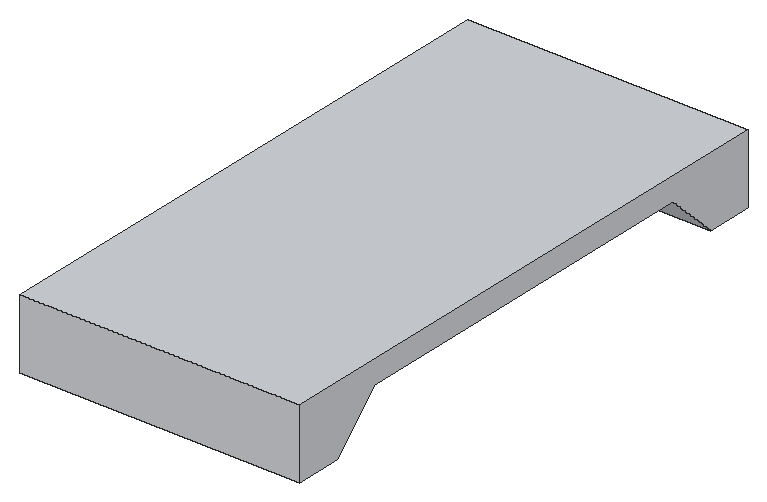
Revit family "roofprecastchannel", category Generic Models, Revit 2015
Parameters
  width = 2' - 0"
  seatwidth = 0' - 2"
  overalldepth = 0' - 3"
  minthickness = 0' - 1"
  material = none
  length [instance] = 1' - 0"
Reference planes (in)
  plane 1 "Center (Front/Back)": y = 0
  plane 2: z = 0
  plane 3 "Center (Left/Right)": x = 0
  plane 4: y = 12
  plane 5: y = -12
  plane 6: z = 3
  plane 7: z = 2
  plane 8: y = 10
  plane 9: y = -10
  plane 10: y = 8
  plane 11: y = -8
Forms (in)
  Extrusion 1, solid, material <- "material"
    sketch origin (0, 0, 0) x (0, 1, 0) y (0, 0, 1)
      loop
        line (12, 0) -> (12, 3) -> (-12, 3) -> (-12, 0) -> (-10, 0) -> (-8, 2) -> (8, 2) -> (10, 0) -> (12, 0)
    from 0 to 12
Dimensions and locks (in)
  "overalldepth": plane 6 to plane 2
  "minthickness": plane 6 to plane 7
  equal spacing: plane 4, plane 1 "Center (Front/Back)", plane 5
  "width": plane 4 to plane 5
  "seatwidth": plane 4 to plane 8
  "seatwidth": plane 9 to plane 5
  "seatwidth": plane 8 to plane 10
  "seatwidth": plane 11 to plane 9
  "length": plane 3 "Center (Left/Right)" to Extrusion 1
  aligned and locked: plane 2 to level
  aligned and locked: Extrusion 1 sketch curve to plane 6
  aligned and locked: plane 4 to Extrusion 1 sketch curve
  aligned and locked: Extrusion 1 sketch curve to plane 5
  aligned and locked: plane 2 to Extrusion 1 sketch curve  (x2)
  aligned and locked: plane 7 to Extrusion 1 sketch curve
Automatic sketch dimensions
  Extrusion 1 sketch curve to plane 9 = 0' - 0"
  Extrusion 1 sketch curve to plane 11 = 0' - 0"
  Extrusion 1 sketch curve to plane 10 = 0' - 0"
  Extrusion 1 sketch curve to plane 8 = 0' - 0"
